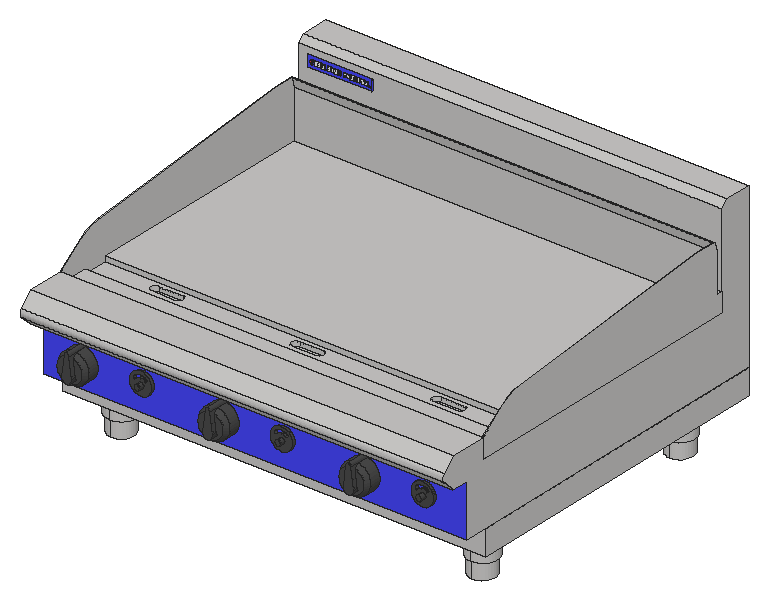
Revit family "QF_MOFFAT_BLUESEAL_CE_G516A-B", category Specialty Equipment, Revit 2012
Parameters
  Width = 900 mm  # constant formula
  Weight in Pounds = 283  # constant formula
  URL Cutsheet = "www.moffat.com"
  URL = "www.moffat.com"
  Type Mark [instance] = ""
  Status [instance] = ""
  Specification by User [instance] = ""
  Specification by Manufacturer = ""
  Show Logo [instance] = yes
  Serial Number = ""
  Seismic Rating = ""
  SMACNA No = ""
  Revision Code [instance] = ""
  Omniclass Number and Title = ""
  NAFEM Spec ID Number = ""
  Model = "G516A-B"
  Mechanical Remarks [instance] = ""
  Mechanical Connection Type [instance] = ""
  Masterspec = ""
  Manufacturer = "MOFFAT BLUESEAL"
  Item Number [instance] = ""
  Installed By [instance] = ""
  Identify Quantity as Lot [instance] = yes
  Height = 485 mm  # constant formula
  Gas Size = 3/4"
  Gas RI Height [instance] = 0 mm
  Gas KW [instance] = 16.6
  Gas Input [instance] = 56869.0 Btu/h
  Gas Connection Height = 0 mm
  Furnished By [instance] = ""
  Foodservice Equipment Identifier [instance] = yes
  Description = "900MM GAS GRIDDLE PLATE BENCH MOUNT"
  Depth = 812 mm  # constant formula
  CSI MasterFormat = ""
  CSI Master Format = ""
Reference planes
  plane 1 "BACK": y = 0
  plane 2: z = 0
  plane 3 "LEFT": x = 0
  plane 4 "RIGHT": x = 900
  plane 5 "FRONT": y = -812
  plane 6 "TOP": z = 370
  plane 7 "Center Y": x = 450
  plane 8 "Center X": y = -406
  plane 9: z = 485
  plane 10: z = 315
Forms (mm)
  Revolve 1, solid, material "QF_Finishes_Stainless Steel"
    sketch origin (65.5, -728, 0) x (0, 1, 0) y (0, 0, 1)
      loop
        line (71.25, 85) -> (71.25, 35) -> (75.5, 35) -> (75.5, 0) -> (103, 0) -> (103, 85) -> (71.25, 85)
      axis (103, 85) -> (103, 0)
    angle from 0 to 360
  Revolve 2, solid, material "QF_Finishes_Stainless Steel"
    sketch origin (65.5, -210, 0) x (0, 1, 0) y (0, 0, 1)
      loop
        line (78.25, 85) -> (78.25, 35) -> (82.5, 35) -> (82.5, 0) -> (110, 0) -> (110, 85) -> (78.25, 85)
      axis (110, 85) -> (110, 0)
    angle from 0 to 360
  Extrusion 3, solid, material "QF_Finishes_Stainless Steel"
    sketch origin (405, 3, -500) x (1, 0, 0) y (0, 1, 0)
      loop
        circle (365, -35) r 13.5
    from 555 to 585
  Revolve 4, solid, material "QF_Finishes_Black"
    sketch origin (89.999, 7, -0.127) x (0, 1, 0) y (0, 0, -1)
      loop
        line (-789, -229.5) -> (-766, -229.5) -> (-766, -202) -> (-756, -202) -> (-756, -197) -> (-800, -197) -> (-800, -223.651) -> (-789, -229.5)
      axis (-800, -197) -> (-756, -197)
    angle from 0 to 360
  Extrusion 5, solid, material "QF_Finishes_Black"
    sketch origin (228.269, 7, 0.031) x (-1, 0, 0) y (0, 0, -1)
      loop
        line (127.85, -186.163) -> (133.27, -229.082)
        arc (133.27, -229.082) -> (138.269, -233.969) -> (143.267, -229.082) r 5
        line (143.267, -229.082) -> (148.756, -184.996)
        arc (148.756, -184.996) -> (137.684, -174.498) -> (127.85, -186.163) r 10.487
    from 759 to 808
  Extrusion 6, solid, material "QF_Finishes_Stainless Steel"
    sketch origin (0, 0, 0) x (0, 1, 0) y (0, 0, 1)
      loop
        line (-784.97, 250) -> (-749, 250) -> (-749, 140) -> (0, 140) -> (0, 485) -> (-57.5, 485) -> (-70, 472.5) -> (-70, 275) -> (-705, 275) -> (-705, 315) -> (-783.97, 315) -> (-808.498, 290.472)
        arc (-808.498, 290.472) -> (-812.007, 282) -> (-808.498, 273.528) r 11.982
        line (-808.498, 273.528) -> (-784.97, 250)
      loop
        line (0, 85) -> (0, 139.206) -> (-699, 139.206) -> (-699, 85) -> (0, 85)
    from 0 to 900
  Revolve 7, solid, material "QF_Finishes_Black"
    sketch origin (390, 7, -0.127) x (0, 1, 0) y (0, 0, -1)
      loop
        line (-789, -229.5) -> (-766, -229.5) -> (-766, -202) -> (-756, -202) -> (-756, -197) -> (-800, -197) -> (-800, -223.651) -> (-789, -229.5)
      axis (-800, -197) -> (-756, -197)
    angle from 0 to 360
  Extrusion 8, solid, material "QF_Finishes_Black"
    sketch origin (0, -749, 266) x (0, 0, -1) y (1, 0, 0)
      loop
        circle (69, 210) r 23.9
      loop
        arc (61.641, 218.419) -> (62.501, 223.219) -> (57.701, 224.079) r 3.448
        arc (57.701, 224.079) -> (51.116, 209.341) -> (58.919, 195.209) r 18.095
        arc (58.919, 195.209) -> (63.641, 196.491) -> (62.326, 201.204) r 3.448
        arc (62.326, 201.204) -> (58.758, 209.683) -> (61.641, 218.419) r 13.109
      loop
        circle (69, 810) r 23.9
      loop
        arc (61.641, 818.419) -> (62.501, 823.219) -> (57.701, 824.079) r 3.448
        arc (57.701, 824.079) -> (51.116, 809.341) -> (58.919, 795.209) r 18.095
        arc (58.919, 795.209) -> (63.641, 796.491) -> (62.326, 801.204) r 3.448
        arc (62.326, 801.204) -> (58.758, 809.683) -> (61.641, 818.419) r 13.109
      loop
        circle (69, 510) r 23.9
      loop
        arc (61.641, 518.419) -> (62.501, 523.219) -> (57.701, 524.079) r 3.448
        arc (57.701, 524.079) -> (51.116, 509.341) -> (58.919, 495.209) r 18.095
        arc (58.919, 495.209) -> (63.641, 496.491) -> (62.326, 501.204) r 3.448
        arc (62.326, 501.204) -> (58.758, 509.683) -> (61.641, 518.419) r 13.109
    from 0 to 5
  Extrusion 9, solid, material "QF_Finishes_Black"
    sketch origin (0, -754, 266) x (0, 0, -1) y (1, 0, 0)
      loop
        circle (72.5, 210) r 5.75
      loop
        circle (72.5, 510) r 5.75
      loop
        circle (72.5, 810) r 5.75
    from 0 to 10
  Revolve 10, solid, material "QF_Finishes_Stainless Steel"
    sketch origin (834.5, -728, 0) x (0, 1, 0) y (0, 0, -1)
      loop
        line (71.25, -85) -> (103, -85) -> (103, 0) -> (75.5, 0) -> (75.5, -35) -> (71.25, -35) -> (71.25, -85)
      axis (103, -85) -> (103, 0)
    angle from 0 to 360
  Revolve 11, solid, material "QF_Finishes_Stainless Steel"
    sketch origin (834.5, -210, 0) x (0, 1, 0) y (0, 0, -1)
      loop
        line (78.25, -85) -> (110, -85) -> (110, 0) -> (82.5, 0) -> (82.5, -35) -> (78.25, -35) -> (78.25, -85)
      axis (110, -85) -> (110, 0)
    angle from 0 to 360
  Extrusion 12, solid, material "QF_Finishes_Black"
    sketch origin (528.269, 7, 0.031) x (-1, 0, 0) y (0, 0, -1)
      loop
        line (127.85, -186.163) -> (133.27, -229.082)
        arc (133.27, -229.082) -> (138.269, -233.969) -> (143.267, -229.082) r 5
        line (143.267, -229.082) -> (148.756, -184.996)
        arc (148.756, -184.996) -> (137.684, -174.498) -> (127.85, -186.163) r 10.487
    from 759 to 808
  Revolve 13, solid, material "QF_Finishes_Black"
    sketch origin (690, 7, 0) x (0, 1, 0) y (0, 0, -1)
      loop
        line (-789, -229.5) -> (-766, -229.5) -> (-766, -202) -> (-756, -202) -> (-756, -197) -> (-800, -197) -> (-800, -223.651) -> (-789, -229.5)
      axis (-800, -197) -> (-756, -197)
    angle from 0 to 360
  Extrusion 14, solid, material "QF_Finishes_Black"
    sketch origin (828.27, 7, 0.158) x (-1, 0, 0) y (0, 0, -1)
      loop
        line (127.85, -186.163) -> (133.27, -229.082)
        arc (133.27, -229.082) -> (138.269, -233.969) -> (143.267, -229.082) r 5
        line (143.267, -229.082) -> (148.756, -184.996)
        arc (148.756, -184.996) -> (137.684, -174.498) -> (127.85, -186.163) r 10.487
    from 759 to 808
Lines and regions (mm)
  Split face 1
    outline origin (0, 0, 485) x (0, -1, 0) y (1, 0, 0)
      loop
        arc (18.185, 32.794) -> (23.185, 24.134) -> (33.185, 24.134) r 10
        line (33.185, 24.134) -> (40.185, 28.176)
        arc (40.185, 28.176) -> (43.845, 31.836) -> (45.185, 36.836) r 10
        line (45.185, 36.836) -> (45.185, 264.794)
        arc (45.185, 264.794) -> (40.185, 273.455) -> (30.185, 273.455) r 10
        line (30.185, 273.455) -> (23.185, 269.413)
        arc (23.185, 269.413) -> (19.525, 265.753) -> (18.185, 260.753) r 10
        line (18.185, 260.753) -> (18.185, 32.794)
  Split face 2
    outline origin (0, 0, 485) x (0, -1, 0) y (1, 0, 0)
      loop
        arc (18.185, 332.794) -> (23.185, 324.134) -> (33.185, 324.134) r 10
        line (33.185, 324.134) -> (40.185, 328.176)
        arc (40.185, 328.176) -> (43.845, 331.836) -> (45.185, 336.836) r 10
        line (45.185, 336.836) -> (45.185, 564.794)
        arc (45.185, 564.794) -> (40.185, 573.455) -> (30.185, 573.455) r 10
        line (30.185, 573.455) -> (23.185, 569.413)
        arc (23.185, 569.413) -> (19.525, 565.753) -> (18.185, 560.753) r 10
        line (18.185, 560.753) -> (18.185, 332.794)
  Split face 3
    outline origin (0, 0, 485) x (0, -1, 0) y (1, 0, 0)
      loop
        arc (45.185, 864.794) -> (40.185, 873.455) -> (30.185, 873.455) r 10
        line (30.185, 873.455) -> (23.185, 869.413)
        arc (23.185, 869.413) -> (19.525, 865.753) -> (18.185, 860.753) r 10
        line (18.185, 860.753) -> (18.185, 632.794)
        arc (18.185, 632.794) -> (23.185, 624.134) -> (33.185, 624.134) r 10
        line (33.185, 624.134) -> (40.185, 628.176)
        arc (40.185, 628.176) -> (43.845, 631.836) -> (45.185, 636.836) r 10
        line (45.185, 636.836) -> (45.185, 864.794)
  symbolic lines
    curve 1: line (0, 0, 0) -> (0, -812, 0)
    curve 2: line (900, 0, 0) -> (0, 0, 0)
    curve 3: line (900, -812, 0) -> (900, 0, 0)
    curve 4: line (0, -70, 0) -> (900, -70, 0)
    curve 5: line (0, -812, 0) -> (900, -812, 0)
    curve 6: line (900, -705, 0) -> (0, -705, 0)
    curve 7: line (0, -783.97, 0) -> (900, -783.97, 0)
    curve 8: line (0, -57.5, 0) -> (900, -57.5, 0)
    curve 9: line (32.794, -18.185, 0) -> (260.753, -18.185, 0)
    curve 10: arc (260.753, -18.185, 0) -> (265.753, -19.525, 0) -> (269.413, -23.185, 0) r 10
    curve 11: line (269.413, -23.185, 0) -> (273.455, -30.185, 0)
    curve 12: arc (273.455, -30.185, 0) -> (273.455, -40.185, 0) -> (264.794, -45.185, 0) r 10
    curve 13: line (264.794, -45.185, 0) -> (36.836, -45.185, 0)
    curve 14: arc (36.836, -45.185, 0) -> (31.836, -43.845, 0) -> (28.176, -40.185, 0) r 10
    curve 15: line (28.176, -40.185, 0) -> (24.134, -33.185, 0)
    curve 16: arc (24.134, -33.185, 0) -> (24.134, -23.185, 0) -> (32.794, -18.185, 0) r 10
    curve 17: line (560.753, -18.185, 0) -> (332.794, -18.185, 0)
    curve 18: arc (332.794, -18.185, 0) -> (324.134, -23.185, 0) -> (324.134, -33.185, 0) r 10
    curve 19: line (324.134, -33.185, 0) -> (328.176, -40.185, 0)
    curve 20: arc (328.176, -40.185, 0) -> (331.836, -43.845, 0) -> (336.836, -45.185, 0) r 10
    curve 21: line (336.836, -45.185, 0) -> (564.794, -45.185, 0)
    curve 22: arc (564.794, -45.185, 0) -> (573.455, -40.185, 0) -> (573.455, -30.185, 0) r 10
    curve 23: line (573.455, -30.185, 0) -> (569.413, -23.185, 0)
    curve 24: arc (569.413, -23.185, 0) -> (565.753, -19.525, 0) -> (560.753, -18.185, 0) r 10
    curve 25: line (632.794, -18.185, 0) -> (860.753, -18.185, 0)
    curve 26: arc (860.753, -18.185, 0) -> (865.753, -19.525, 0) -> (869.413, -23.185, 0) r 10
    curve 27: line (869.413, -23.185, 0) -> (873.455, -30.185, 0)
    curve 28: arc (873.455, -30.185, 0) -> (873.455, -40.185, 0) -> (864.794, -45.185, 0) r 10
    curve 29: line (864.794, -45.185, 0) -> (636.836, -45.185, 0)
    curve 30: arc (636.836, -45.185, 0) -> (631.836, -43.845, 0) -> (628.176, -40.185, 0) r 10
    curve 31: line (628.176, -40.185, 0) -> (624.134, -33.185, 0)
    curve 32: arc (624.134, -33.185, 0) -> (624.134, -23.185, 0) -> (632.794, -18.185, 0) r 10
Dimensions and locks
  equal spacing: plane 3 "LEFT", plane 7 "Center Y", plane 4 "RIGHT"
  "Width": plane 3 "LEFT" to plane 4 "RIGHT"
  equal spacing: plane 5 "FRONT", plane 8 "Center X", plane 1 "BACK"
  "Depth": plane 5 "FRONT" to plane 1 "BACK"
  equal spacing: plane 4 "RIGHT", plane 7 "Center Y", plane 3 "LEFT"
  plane 4 "RIGHT" to plane 3 "LEFT" = 900 mm
  Extrusion 3 to level = 55 mm
  Extrusion 3 to plane 1 "BACK" = 32 mm
  plane 5 "FRONT" to plane 1 "BACK" = 812 mm
  "Height": plane 9 to level
  plane 10 to level = 315 mm
  Extrusion 3 sketch curve to plane 4 "RIGHT" = 130 mm
  Extrusion 3 sketch curve to plane 1 "BACK" = 32 mm
  aligned and locked: level to plane 2
  aligned and locked: curve 3 to plane 4 "RIGHT"
Automatic sketch dimensions
  plane 1 "BACK" to curve 1 = 0 mm
  curve 1 to plane 3 "LEFT" = 0 mm
  plane 5 "FRONT" to curve 1 = 0 mm
  curve 6 to plane 5 "FRONT" = 107 mm
  plane 1 "BACK" to curve 4 = 70 mm
  Revolve 1 sketch curve to level = 0 mm
  level to Revolve 1 sketch curve = 35 mm
  Revolve 1 sketch curve to plane 5 "FRONT" = 155.25 mm
  Revolve 1 sketch curve to Revolve 1 sketch curve = 4.25 mm
  Revolve 1 sketch curve to Revolve 1 sketch curve = 27.5 mm  (x2)
  Revolve 1 sketch curve to Revolve 1 sketch curve = 55 mm
  Revolve 1 sketch curve to Revolve 1 sketch curve = 15 mm
  Revolve 1 sketch curve to Revolve 1 sketch curve = 35 mm
  Revolve 2 sketch curve to level = 0 mm
  level to Revolve 2 sketch curve = 35 mm
  plane 1 "BACK" to Revolve 2 sketch curve = 131.75 mm
  Revolve 2 sketch curve to Revolve 2 sketch curve = 4.25 mm
  Revolve 2 sketch curve to Revolve 2 sketch curve = 27.5 mm  (x2)
  Revolve 2 sketch curve to Revolve 2 sketch curve = 55 mm
  Revolve 2 sketch curve to Revolve 2 sketch curve = 15 mm
  Revolve 2 sketch curve to Revolve 2 sketch curve = 35 mm
  Revolve 4 sketch curve to plane 5 "FRONT" = 19 mm
  Revolve 4 sketch curve to Revolve 4 sketch curve = 0 mm  (x2)
  Revolve 4 sketch curve to Revolve 4 sketch curve = 11 mm
  Revolve 4 sketch curve to Revolve 4 sketch curve = 12.7 mm
  Revolve 4 sketch curve to Revolve 4 sketch curve = 23 mm
  Revolve 4 sketch curve to Revolve 4 sketch curve = 10 mm
  Revolve 4 sketch curve to plane 10 = 85.627 mm
  Revolve 4 sketch curve to Revolve 4 sketch curve = 5.849 mm
  Revolve 4 sketch curve to Revolve 4 sketch curve = 27.5 mm
  Revolve 4 sketch curve to Revolve 4 sketch curve = 5 mm
  plane 3 "LEFT" to Extrusion 5 sketch curve = 100.419 mm
  Extrusion 5 sketch curve to Extrusion 5 sketch curve = 5.421 mm
  Extrusion 5 sketch curve to Extrusion 5 sketch curve = 10.419 mm
  Extrusion 5 sketch curve to Extrusion 5 sketch curve = 4.999 mm  (x2)
  Extrusion 5 sketch curve to Extrusion 5 sketch curve = 10.487 mm
  Extrusion 5 sketch curve to plane 10 = 85.887 mm
  Extrusion 5 sketch curve to Extrusion 5 sketch curve = 0.113 mm
  Extrusion 5 sketch curve to Extrusion 5 sketch curve = 42.919 mm
  Extrusion 5 sketch curve to Extrusion 5 sketch curve = 1.167 mm
  Extrusion 6 sketch curve to plane 10 = 0 mm
  plane 9 to Extrusion 6 sketch curve = 0 mm
  Extrusion 6 sketch curve to plane 1 "BACK" = 0 mm  (x2)
  plane 1 "BACK" to Extrusion 6 sketch curve = 57.5 mm
  plane 9 to Extrusion 6 sketch curve = 12.5 mm
  Extrusion 6 sketch curve to Extrusion 6 sketch curve = 12.5 mm
  Extrusion 6 sketch curve to plane 5 "FRONT" = 113 mm
  Extrusion 6 sketch curve to plane 5 "FRONT" = 107 mm
  Extrusion 6 sketch curve to Extrusion 6 sketch curve = 50 mm
  Extrusion 6 sketch curve to plane 5 "FRONT" = 28.03 mm
  Extrusion 6 sketch curve to plane 5 "FRONT" = 27.03 mm
  Extrusion 6 sketch curve to plane 5 "FRONT" = 11.975 mm
  Extrusion 6 sketch curve to plane 5 "FRONT" = 3.502 mm  (x2)
  Extrusion 6 sketch curve to plane 10 = 24.528 mm
  Extrusion 6 sketch curve to Extrusion 6 sketch curve = 8.472 mm
  Extrusion 6 sketch curve to Extrusion 6 sketch curve = 40 mm
  Extrusion 6 sketch curve to Extrusion 6 sketch curve = 23.528 mm
  Extrusion 6 sketch curve to Extrusion 6 sketch curve = 110 mm
  Extrusion 6 sketch curve to Extrusion 6 sketch curve = 0.794 mm
  Extrusion 6 sketch curve to Extrusion 6 sketch curve = 54.206 mm
  Revolve 7 sketch curve to plane 5 "FRONT" = 19 mm
  Revolve 7 sketch curve to Revolve 7 sketch curve = 0 mm  (x2)
  Revolve 7 sketch curve to Revolve 7 sketch curve = 11 mm
  Revolve 7 sketch curve to Revolve 7 sketch curve = 12.7 mm
  Revolve 7 sketch curve to Revolve 7 sketch curve = 23 mm
  Revolve 7 sketch curve to Revolve 7 sketch curve = 10 mm
  Revolve 7 sketch curve to plane 10 = 85.627 mm
  Revolve 7 sketch curve to Revolve 7 sketch curve = 5.849 mm
  Revolve 7 sketch curve to Revolve 7 sketch curve = 27.5 mm
  Revolve 7 sketch curve to Revolve 7 sketch curve = 5 mm
  Extrusion 6 to Extrusion 8 sketch curve = 41.701 mm  (x3)
  Extrusion 8 sketch curve to Extrusion 8 sketch curve = 1.218 mm  (x3)
  Extrusion 8 sketch curve to Extrusion 8 sketch curve = 1.97 mm  (x6)
  Extrusion 8 sketch curve to Extrusion 8 sketch curve = 1.724 mm  (x3)
  Extrusion 8 sketch curve to Extrusion 8 sketch curve = 1.683 mm  (x3)
  Extrusion 8 sketch curve to Extrusion 8 sketch curve = 6.674 mm  (x3)
  Extrusion 8 sketch curve to Extrusion 8 sketch curve = 0.195 mm  (x3)
  Extrusion 8 sketch curve to Extrusion 8 sketch curve = 2.662 mm  (x3)
  Extrusion 6 to Extrusion 8 sketch curve = 195.209 mm
  Extrusion 8 sketch curve to Extrusion 8 sketch curve = 2.986 mm  (x3)
  Extrusion 8 sketch curve to Extrusion 8 sketch curve = 8.796 mm  (x3)
  Extrusion 8 sketch curve to Extrusion 8 sketch curve = 0.103 mm  (x3)
  Extrusion 8 sketch curve to Extrusion 8 sketch curve = 0.102 mm  (x3)
  Extrusion 8 sketch curve to Extrusion 8 sketch curve = 271.13 mm
  Extrusion 6 to Extrusion 8 sketch curve = 104.791 mm
  Extrusion 9 sketch curve to Extrusion 9 sketch curve = 0 mm  (x2)
  Extrusion 9 sketch curve to Extrusion 9 sketch curve = 300 mm  (x2)
  Revolve 10 sketch curve to level = 0 mm
  level to Revolve 10 sketch curve = 35 mm
  Revolve 10 sketch curve to plane 5 "FRONT" = 155.25 mm
  Revolve 10 sketch curve to Revolve 10 sketch curve = 4.25 mm
  Revolve 10 sketch curve to Revolve 10 sketch curve = 27.5 mm  (x2)
  Revolve 10 sketch curve to Revolve 10 sketch curve = 15 mm
  Revolve 10 sketch curve to Revolve 10 sketch curve = 35 mm
  Revolve 10 sketch curve to level = 55 mm
  Revolve 11 sketch curve to level = 0 mm
  level to Revolve 11 sketch curve = 35 mm
  plane 1 "BACK" to Revolve 11 sketch curve = 131.75 mm
  Revolve 11 sketch curve to Revolve 11 sketch curve = 4.25 mm
  Revolve 11 sketch curve to Revolve 11 sketch curve = 27.5 mm  (x2)
  Revolve 11 sketch curve to Revolve 11 sketch curve = 15 mm
  Revolve 11 sketch curve to Revolve 11 sketch curve = 35 mm
  Revolve 11 sketch curve to level = 55 mm
  Extrusion 12 sketch curve to plane 7 "Center Y" = 49.58 mm
  Extrusion 12 sketch curve to Extrusion 12 sketch curve = 5.421 mm
  Extrusion 12 sketch curve to Extrusion 12 sketch curve = 10.419 mm
  Extrusion 12 sketch curve to Extrusion 12 sketch curve = 4.999 mm  (x2)
  Extrusion 12 sketch curve to Extrusion 12 sketch curve = 10.487 mm
  Extrusion 12 sketch curve to plane 10 = 85.887 mm
  Extrusion 12 sketch curve to Extrusion 12 sketch curve = 0.113 mm
  Extrusion 12 sketch curve to Extrusion 12 sketch curve = 42.919 mm
  Extrusion 12 sketch curve to Extrusion 12 sketch curve = 1.167 mm
  Revolve 13 sketch curve to plane 5 "FRONT" = 19 mm
  Revolve 13 sketch curve to Revolve 13 sketch curve = 0 mm  (x2)
  Revolve 13 sketch curve to Revolve 13 sketch curve = 11 mm
  Revolve 13 sketch curve to Revolve 13 sketch curve = 12.7 mm
  Revolve 13 sketch curve to Revolve 13 sketch curve = 23 mm
  Revolve 13 sketch curve to Revolve 13 sketch curve = 10 mm
  Revolve 13 sketch curve to plane 10 = 85.5 mm
  Revolve 13 sketch curve to Revolve 13 sketch curve = 5.849 mm
  Revolve 13 sketch curve to Revolve 13 sketch curve = 27.5 mm
  Revolve 13 sketch curve to Revolve 13 sketch curve = 5 mm
  plane 4 "RIGHT" to Extrusion 14 sketch curve = 199.58 mm
  Extrusion 14 sketch curve to Extrusion 14 sketch curve = 5.421 mm
  Extrusion 14 sketch curve to Extrusion 14 sketch curve = 10.419 mm
  Extrusion 14 sketch curve to Extrusion 14 sketch curve = 4.999 mm  (x2)
  Extrusion 14 sketch curve to plane 10 = 85.76 mm
  Extrusion 14 sketch curve to Extrusion 14 sketch curve = 10.487 mm
  Extrusion 14 sketch curve to Extrusion 14 sketch curve = 0.113 mm
  Extrusion 14 sketch curve to Extrusion 14 sketch curve = 42.919 mm
  Extrusion 14 sketch curve to Extrusion 14 sketch curve = 1.167 mm
  Split face 1 sketch curve to Extrusion 6 = 18.185 mm
  Split face 1 sketch curve to Split face 1 sketch curve = 5 mm  (x3)
  Split face 1 sketch curve to Split face 1 sketch curve = 10 mm  (x2)
  Split face 1 sketch curve to Split face 1 sketch curve = 7 mm  (x4)
  Split face 1 sketch curve to Extrusion 6 = 24.134 mm
  Split face 1 sketch curve to Split face 1 sketch curve = 4.041 mm  (x2)
  Split face 1 sketch curve to Split face 1 sketch curve = 223.917 mm
  Split face 2 sketch curve to Extrusion 6 = 18.185 mm
  Split face 2 sketch curve to Split face 2 sketch curve = 5 mm  (x3)
  Split face 2 sketch curve to Split face 2 sketch curve = 10 mm  (x2)
  Split face 2 sketch curve to Split face 2 sketch curve = 7 mm  (x4)
  Split face 2 sketch curve to Extrusion 6 = 324.134 mm
  Split face 2 sketch curve to Split face 2 sketch curve = 4.041 mm  (x2)
  Split face 2 sketch curve to Split face 2 sketch curve = 223.917 mm
  Split face 3 sketch curve to Extrusion 6 = 18.185 mm
  Split face 3 sketch curve to Split face 3 sketch curve = 5 mm  (x2)
  Split face 3 sketch curve to Split face 3 sketch curve = 10 mm  (x3)
  Split face 3 sketch curve to Split face 3 sketch curve = 7 mm  (x4)
  Split face 3 sketch curve to Extrusion 6 = 275.866 mm
  Split face 3 sketch curve to Split face 3 sketch curve = 4.041 mm  (x2)
  Split face 3 sketch curve to Extrusion 6 = 39.247 mm
  curve 7 to plane 5 "FRONT" = 28.03 mm
  curve 4 to curve 8 = 12.5 mm
  plane 3 "LEFT" to curve 16 = 24.134 mm
  curve 16 to curve 15 = 4.041 mm
  curve 16 to curve 9 = 8.66 mm
  curve 14 to curve 14 = 8.66 mm
  plane 1 "BACK" to curve 10 = 18.185 mm
  curve 10 to plane 7 "Center Y" = 189.247 mm
  curve 10 to curve 13 = 4.041 mm
  plane 1 "BACK" to curve 11 = 23.185 mm
  curve 9 to curve 11 = 8.66 mm
  plane 1 "BACK" to curve 11 = 30.185 mm
  curve 10 to curve 11 = 4.041 mm
  curve 12 to curve 12 = 15 mm
  curve 13 to curve 14 = 5 mm
  curve 14 to curve 15 = 7 mm
  plane 1 "BACK" to curve 19 = 33.185 mm
  curve 11 to curve 19 = 50.679 mm
  plane 1 "BACK" to curve 19 = 40.185 mm
  curve 19 to curve 19 = 4.041 mm
  curve 18 to curve 18 = 8.66 mm
  curve 18 to curve 20 = 4.041 mm
  plane 1 "BACK" to curve 24 = 18.185 mm
  plane 7 "Center Y" to curve 24 = 110.753 mm
  curve 24 to curve 21 = 4.041 mm
  curve 24 to curve 24 = 8.66 mm
  plane 1 "BACK" to curve 23 = 30.185 mm
  curve 24 to curve 23 = 4.041 mm
  curve 22 to curve 22 = 15 mm
  curve 22 to curve 24 = 7 mm
  curve 23 to curve 32 = 50.679 mm
  curve 32 to curve 30 = 4.041 mm  (x2)
  curve 32 to curve 32 = 8.66 mm
  plane 4 "RIGHT" to curve 26 = 39.247 mm
  curve 26 to curve 29 = 4.041 mm
  plane 1 "BACK" to curve 27 = 23.185 mm
  curve 25 to curve 27 = 8.66 mm
  curve 26 to curve 27 = 4.041 mm
  plane 1 "BACK" to curve 30 = 45.185 mm
  curve 29 to curve 31 = 5 mm
  curve 29 to curve 28 = 10 mm
  curve 31 to curve 32 = 7 mm
  curve 30 to curve 32 = 7 mm
  radius of Extrusion 3 sketch curve = 13.5 mm
  radius of Extrusion 8 sketch curve = 23.9 mm  (x3)
  radius of Extrusion 9 sketch curve = 5.75 mm  (x3)
Nested families
  nested 1: "WALDORF LOGO_FACE BASE" at (18.6, -70, 458.604) x (1, 0, 0) z (0, -1, 0), visible <- "Show Logo", type "WALDORF LOGO_FACE BASE", detail levels medium+fine
    with Show Logo yes
  nested 2: "GAS GRIDDLE PLATE 900" at (0, -85, 274.5), type "GAS GRIDDLE PLATE 900"
    with Width 900 mm, Type Mark "", Status "", Specification by User "", Revision Code "", Item Number "", Installed By "", Identify Quantity as Lot yes, Furnished By "", Foodservice Equipment Identifier yes, Depth 620 mm
Connectors
  piping at (770, -32, 55)
    settings: on Extrusion 3, index 1, connector radius 0.37402", flow factor 0, pipe flow 0 GPM, pressure drop 0.00 psi, fitting loss kfactor 0, connector angle 0.00°, fixture units 0, engagement length 0 mm, flow configuration 1, flow direction 1, fitting loss method 0, system type 7, joint type 0, gender type 0, connector reference index -1, connector utility 0, adjustable connector no, is connector primary yes, fitting loss table "", connector description "GAS CONNECTION"
Definition of nested family "WALDORF LOGO_FACE BASE"
  Parameters (values of type "WALDORF LOGO_FACE BASE")
    Show Logo [instance] = yes
    Default Elevation = 1219.2 mm
  Reference planes
    plane 1 "Center (Front/Back)": y = 0
    plane 2: z = 0
    plane 3 "Center (Left/Right)": x = 0
  Forms (mm)
    Extrusion 1, solid
      sketch origin (0, 0, 0) x (1, 0, 0) y (0, 1, 0)
        loop
          line (-1219.2, 1219.2) -> (-1219.2, -1219.2) -> (1219.2, -1219.2) -> (1219.2, 1219.2) -> (-1219.2, 1219.2)
      from 0 to -304.8
    Extrusion 2, solid, material "QF_Finishes_Blue", visible <- "Show Logo"
      sketch origin (0, -33.217, 0) x (1, 0, 0) y (0, 1, 0)
        loop
          arc (138, 31.942) -> (137.626, 32.844) -> (136.724, 33.217) r 1.276
          line (136.724, 33.217) -> (1.29, 33.217)
          arc (1.29, 33.217) -> (0.378, 32.839) -> (0, 31.927) r 1.29
          line (0, 31.927) -> (0, 11.507)
          arc (0, 11.507) -> (0.378, 10.595) -> (1.29, 10.217) r 1.29
          line (1.29, 10.217) -> (136.71, 10.217)
          arc (136.71, 10.217) -> (137.622, 10.595) -> (138, 11.507) r 1.29
          line (138, 11.507) -> (138, 31.942)
      from 0 to 1.588
    Extrusion 3, solid, material "QF_Finishes_White", visible <- "Show Logo"
      sketch origin (0, -33.217, 1.588) x (1, 0, 0) y (0, 1, 0)
        loop
          arc (108.946, 25.919) -> (107.613, 25.367) -> (107.061, 24.034) r 1.885
          line (107.061, 24.034) -> (107.061, 17.211) -> (112.704, 17.211) -> (112.704, 19.129) -> (115.546, 19.129) -> (115.546, 17.211) -> (121.584, 17.211) -> (121.584, 24.075)
          arc (121.584, 24.075) -> (121.043, 25.379) -> (119.739, 25.919) r 1.845
          line (119.739, 25.919) -> (108.946, 25.919)
        loop
          line (123.478, 25.919) -> (123.478, 17.163) -> (134.904, 17.163) -> (134.904, 19.129) -> (129.246, 19.129) -> (129.246, 25.919) -> (123.478, 25.919)
        loop
          line (112.704, 21.258) -> (115.546, 21.258) -> (115.546, 22.702)
          arc (115.546, 22.702) -> (115.344, 23.188) -> (114.858, 23.389) r 0.687
          line (114.858, 23.389) -> (113.363, 23.389)
          arc (113.363, 23.389) -> (112.897, 23.196) -> (112.704, 22.73) r 0.658
          line (112.704, 22.73) -> (112.704, 21.258)
        loop
          line (105.071, 25.919) -> (93.771, 25.919) -> (93.771, 17.163) -> (105.071, 17.163) -> (105.071, 19.063) -> (99.535, 19.063) -> (99.535, 20.437) -> (105.071, 20.437) -> (105.071, 22.278) -> (99.535, 22.278) -> (99.535, 23.587) -> (105.071, 23.587) -> (105.071, 25.919)
        loop
          line (91.104, 25.919) -> (79.541, 25.919)
          arc (79.541, 25.919) -> (78.558, 25.513) -> (78.152, 24.53) r 1.389
          line (78.152, 24.53) -> (78.152, 22.08)
          arc (78.152, 22.08) -> (78.558, 21.098) -> (79.541, 20.691) r 1.389
          line (79.541, 20.691) -> (86.346, 20.691) -> (86.346, 18.864) -> (83.266, 18.864) -> (83.266, 19.664) -> (78.152, 19.664) -> (78.152, 18.553)
          arc (78.152, 18.553) -> (78.558, 17.57) -> (79.541, 17.163) r 1.389
          line (79.541, 17.163) -> (91.063, 17.163)
          arc (91.063, 17.163) -> (92.045, 17.57) -> (92.452, 18.553) r 1.389
          line (92.452, 18.553) -> (92.452, 20.691)
          arc (92.452, 20.691) -> (92.045, 21.673) -> (91.063, 22.08) r 1.389
          line (91.063, 22.08) -> (83.266, 22.08) -> (83.266, 23.984) -> (86.346, 23.984) -> (86.346, 22.743) -> (92.452, 22.743) -> (92.452, 24.571)
          arc (92.452, 24.571) -> (92.057, 25.524) -> (91.104, 25.919) r 1.348
        loop
          line (70.705, 25.919) -> (59.405, 25.919) -> (59.405, 17.163) -> (70.705, 17.163) -> (70.705, 19.063) -> (65.169, 19.063) -> (65.169, 20.437) -> (70.705, 20.437) -> (70.705, 22.278) -> (65.169, 22.278) -> (65.169, 23.587) -> (70.705, 23.587) -> (70.705, 25.919)
        loop
          line (57.598, 25.919) -> (51.7, 25.919) -> (51.7, 20.18)
          arc (51.7, 20.18) -> (50.63, 19.11) -> (49.56, 20.18) r 1.07
          line (49.56, 20.18) -> (49.56, 25.919) -> (43.663, 25.919) -> (43.663, 19.049)
          arc (43.663, 19.049) -> (44.215, 17.716) -> (45.548, 17.163) r 1.885
          line (45.548, 17.163) -> (55.71, 17.163)
          arc (55.71, 17.163) -> (57.045, 17.716) -> (57.598, 19.051) r 1.887
          line (57.598, 19.051) -> (57.598, 25.919)
        loop
          line (31.62, 25.919) -> (31.62, 17.163) -> (43.046, 17.163) -> (43.046, 19.129) -> (37.388, 19.129) -> (37.388, 25.919) -> (31.62, 25.919)
        loop
          line (15.969, 25.919) -> (15.969, 17.163) -> (28.693, 17.163)
          arc (28.693, 17.163) -> (29.812, 17.627) -> (30.276, 18.746) r 1.582
          line (30.276, 18.746) -> (30.276, 20.447) -> (29.48, 21.243) -> (30.276, 22.039) -> (30.276, 24.332)
          arc (30.276, 24.332) -> (29.811, 25.454) -> (28.688, 25.919) r 1.587
          line (28.688, 25.919) -> (15.969, 25.919)
        loop
          line (21.449, 24.159) -> (21.449, 22.436) -> (23.862, 22.436)
          arc (23.862, 22.436) -> (24.723, 23.298) -> (23.862, 24.159) r 0.861
          line (23.862, 24.159) -> (21.449, 24.159)
        loop
          line (21.449, 20.244) -> (21.449, 18.522) -> (23.862, 18.522)
          arc (23.862, 18.522) -> (24.723, 19.383) -> (23.862, 20.244) r 0.861
          line (23.862, 20.244) -> (21.449, 20.244)
      from 0 to 0.2
    Extrusion 4, solid, material "QF_Finishes_Blue", visible <- "Show Logo"
      sketch origin (-126.498, -31.09, 1.588) x (1, 0, 0) y (0, 1, 0)
        loop
          line (136.738, 23.522) -> (136.738, 15.1)
          arc (136.738, 15.1) -> (140.756, 19.311) -> (136.738, 23.522) r 4.216
      from 0 to 0.2
    Extrusion 5, solid, material "QF_Finishes_Red", visible <- "Show Logo"
      sketch origin (146.849, -31.09, 1.588) x (-1, 0, 0) y (0, -1, 0)
        loop
          arc (136.738, -23.522) -> (140.756, -19.311) -> (136.738, -15.1) r 4.216
          line (136.738, -15.1) -> (136.738, -23.522)
      from 0 to 0.2
  Lines and regions (mm)
    Split face 1
      outline origin (-90.35, -30.793, 1.588) x (1, 0, 0) y (0, 1, 0)
        loop
          circle (100.54, 19.013) r 4.536
  Dimensions and locks
    aligned and locked: plane 2 to Extrusion 1
    aligned and locked: level to Extrusion 1
Definition of nested family "GAS GRIDDLE PLATE 900"
  Parameters (values of type "GAS GRIDDLE PLATE 900")
    Width [instance] = 900 mm
    Weight in Pounds = 0
    URL Cutsheet = ""
    Type Mark [instance] = ""
    Status [instance] = ""
    Specification by User [instance] = ""
    Specification by Manufacturer = ""
    Serial Number = ""
    Seismic Rating = ""
    SMACNA No = ""
    Revision Code [instance] = ""
    Omniclass Number and Title = ""
    NAFEM Spec ID Number = ""
    Masterspec = ""
    Item Number [instance] = ""
    Installed By [instance] = ""
    Identify Quantity as Lot [instance] = yes
    Furnished By [instance] = ""
    Foodservice Equipment Identifier [instance] = yes
    Depth [instance] = 620 mm
    CSI MasterFormat = ""
    CSI Master Format = ""
  Reference planes
    plane 1 "BACK": y = 0
    plane 2: z = 0
    plane 3 "LEFT": x = 0
    plane 4 "RIGHT": x = 900
    plane 5 "FRONT": y = -620
    plane 6 "TOP": z = 142.5
    plane 7 "Center Y": x = 450
    plane 8 "Center X": y = -310
    plane 9: y = -530.997
    plane 10: y = -541.497
    plane 11: y = -503.25
    plane 12: y = -557.737
  Forms (mm)
    Extrusion 1, solid, material "QF_Finishes_Stainless Steel"
      sketch origin (0, 70.003, -874.5) x (0, 1, 0) y (0, 0, 1)
        loop
          line (-70, 875) -> (-70, 997.489) -> (-75.228, 1017) -> (-117.24, 1017) -> (-589.533, 971.523)
          arc (-589.533, 971.523) -> (-614.56, 965.803) -> (-637.306, 953.899) r 100
          line (-637.306, 953.899) -> (-690.003, 917) -> (-690.003, 875) -> (-70, 875)
      from 0 to 1.8
    Extrusion 2, solid, material "QF_Finishes_Stainless Steel"
      sketch origin (600, 70.003, -874.5) x (0, -1, 0) y (0, 0, 1)
        loop
          line (70, 875) -> (690.003, 875) -> (690.003, 917) -> (637.306, 953.899)
          arc (637.306, 953.899) -> (614.56, 965.803) -> (589.533, 971.523) r 100
          line (589.533, 971.523) -> (117.24, 1017) -> (75.228, 1017) -> (70, 997.489) -> (70, 875)
      from -300 to -298.8
    Extrusion 3, solid, material "QF_Finishes_Stainless Steel"
      sketch origin (150, 70.003, -874.5) x (0, 1, 0) y (0, 0, 1)
        loop
          line (-70, 894.5) -> (-573.253, 894.5) -> (-573.253, 884) -> (-627.74, 884) -> (-627.74, 894.5) -> (-690.003, 894.5) -> (-690.003, 874.5) -> (-55, 874.5) -> (-55, 914.5) -> (-70, 914.5) -> (-70, 894.5)
      from -150 to 750
    Extrusion 4, void
      sketch origin (150, -541.497, 10) x (0, -1, 0) y (1, 0, 0)
        loop
          arc (-7.497, 25) -> (-17.497, 35) -> (-27.497, 25) r 10
          line (-27.497, 25) -> (-27.497, -25)
          arc (-27.497, -25) -> (-17.497, -35) -> (-7.497, -25) r 10
          line (-7.497, -25) -> (-7.497, 25)
        loop
          arc (-7.497, 325) -> (-17.497, 335) -> (-27.497, 325) r 10
          line (-27.497, 325) -> (-27.497, 275)
          arc (-27.497, 275) -> (-17.497, 265) -> (-7.497, 275) r 10
          line (-7.497, 275) -> (-7.497, 325)
        loop
          arc (-7.497, 625) -> (-17.497, 635) -> (-27.497, 625) r 10
          line (-27.497, 625) -> (-27.497, 575)
          arc (-27.497, 575) -> (-17.497, 565) -> (-7.497, 575) r 10
          line (-7.497, 575) -> (-7.497, 625)
      from -41.4 to 40.142
    Extrusion 5, solid, material "QF_Finishes_Stainless Steel"
      sketch origin (0, 70.003, -874.5) x (0, 1, 0) y (0, 0, 1)
        loop
          line (-70, 875) -> (-70, 997.489) -> (-75.228, 1017) -> (-76.884, 1017) -> (-71.6, 997.278) -> (-71.6, 875) -> (-70, 875)
      from 0 to 898.8
  Cuts and joins
    Extrusion 4 cuts Extrusion 3
    joined: Extrusion 1, Extrusion 2, Extrusion 3, Extrusion 5
  Lines and regions (mm)
    symbolic lines
      curve 1: line (898.8, -503.25, 0) -> (0, -503.25, 0)
      curve 2: line (1.8, -557.737, 0) -> (898.8, -557.737, 0)
      curve 3: line (0, -620, 0) -> (900, -620, 0)
      curve 4: line (900, -5.225, 0) -> (0, -5.225, 0)
      curve 5: line (0, -5.225, 0) -> (0, -620, 0)
      curve 6: line (900, -620, 0) -> (900, -5.225, 0)
      curve 7: line (125, -514, 0) -> (175, -514, 0)
      curve 8: arc (175, -514, 0) -> (185, -524, 0) -> (175, -534, 0) r 10
      curve 9: line (175, -534, 0) -> (125, -534, 0)
      curve 10: arc (125, -534, 0) -> (115, -524, 0) -> (125, -514, 0) r 10
      curve 11: line (425, -514, 0) -> (475, -514, 0)
      curve 12: arc (475, -514, 0) -> (485, -524, 0) -> (475, -534, 0) r 10
      curve 13: line (475, -534, 0) -> (425, -534, 0)
      curve 14: arc (425, -534, 0) -> (415, -524, 0) -> (425, -514, 0) r 10
      curve 15: line (775, -534, 0) -> (725, -534, 0)
      curve 16: arc (725, -534, 0) -> (715, -524, 0) -> (725, -514, 0) r 10
      curve 17: line (725, -514, 0) -> (775, -514, 0)
      curve 18: arc (775, -514, 0) -> (785, -524, 0) -> (775, -534, 0) r 10
  Dimensions and locks
    equal spacing: plane 3 "LEFT", plane 7 "Center Y", plane 4 "RIGHT"
    "Width": plane 3 "LEFT" to plane 4 "RIGHT"
    equal spacing: plane 5 "FRONT", plane 8 "Center X", plane 1 "BACK"
    "Depth": plane 5 "FRONT" to plane 1 "BACK"
    locked: Extrusion 2 to Extrusion 2 at 1.2
    aligned and locked: level to plane 2
    aligned and locked: Extrusion 2 to plane 4 "RIGHT"
    aligned and locked: curve 1 to plane 11
    aligned and locked: plane 12 to curve 2
    aligned and locked: Extrusion 5 to cut or joined group of Extrusion 1, Extrusion 2, Extrusion 3, Extrusion 4, Extrusion 5
    aligned and locked: cut or joined group of Extrusion 1, Extrusion 2, Extrusion 3, Extrusion 4, Extrusion 5 to plane 4 "RIGHT"
    aligned and locked: cut or joined group of Extrusion 1, Extrusion 2, Extrusion 3, Extrusion 4, Extrusion 5 to plane 3 "LEFT"
  Automatic sketch dimensions
    Extrusion 1 sketch curve to plane 5 "FRONT" = 0 mm
    Extrusion 1 sketch curve to plane 6 "TOP" = 0 mm
    plane 12 to Extrusion 1 sketch curve = 9.566 mm
    plane 11 to Extrusion 1 sketch curve = 16.28 mm
    Extrusion 1 sketch curve to level = 2.516 mm
    plane 11 to Extrusion 1 sketch curve = 6.695 mm
    plane 1 "BACK" to Extrusion 1 sketch curve = 47.237 mm
    plane 1 "BACK" to Extrusion 1 sketch curve = 5.225 mm
    Extrusion 1 sketch curve to plane 1 "BACK" = 0.003 mm
    level to Extrusion 1 sketch curve = 0.5 mm
    Extrusion 1 sketch curve to Extrusion 1 sketch curve = 42 mm
    Extrusion 1 sketch curve to plane 6 "TOP" = 63.101 mm
    Extrusion 1 sketch curve to plane 6 "TOP" = 19.511 mm
    Extrusion 2 sketch curve to plane 6 "TOP" = 0 mm
    Extrusion 2 sketch curve to plane 5 "FRONT" = 0 mm
    plane 12 to Extrusion 2 sketch curve = 9.566 mm
    plane 11 to Extrusion 2 sketch curve = 16.28 mm
    Extrusion 2 sketch curve to level = 2.516 mm
    plane 11 to Extrusion 2 sketch curve = 6.695 mm
    plane 1 "BACK" to Extrusion 2 sketch curve = 47.237 mm
    plane 1 "BACK" to Extrusion 2 sketch curve = 5.225 mm
    Extrusion 2 sketch curve to plane 1 "BACK" = 0.003 mm
    level to Extrusion 2 sketch curve = 0.5 mm
    Extrusion 2 sketch curve to Extrusion 2 sketch curve = 42 mm
    Extrusion 2 sketch curve to plane 6 "TOP" = 63.101 mm
    Extrusion 2 sketch curve to plane 6 "TOP" = 19.511 mm
    plane 1 "BACK" to Extrusion 5 sketch curve = 5.225 mm
    Extrusion 5 sketch curve to plane 1 "BACK" = 0.003 mm
    Extrusion 5 sketch curve to plane 6 "TOP" = 19.511 mm
    Extrusion 5 sketch curve to Extrusion 5 sketch curve = 1.6 mm
    Extrusion 5 sketch curve to Extrusion 5 sketch curve = 0.211 mm
    Extrusion 5 sketch curve to plane 6 "TOP" = 0 mm
    Extrusion 5 sketch curve to Extrusion 5 sketch curve = 1.656 mm
    level to Extrusion 5 sketch curve = 0.5 mm
    plane 5 "FRONT" to curve 3 = 0 mm
    plane 3 "LEFT" to curve 2 = 1.8 mm
    plane 3 "LEFT" to curve 4 = 0 mm
    plane 4 "RIGHT" to curve 2 = 1.2 mm
    plane 4 "RIGHT" to curve 3 = 0 mm
    plane 4 "RIGHT" to curve 1 = 1.2 mm
    plane 1 "BACK" to curve 6 = 5.225 mm
    Extrusion 3 sketch curve to plane 5 "FRONT" = 0 mm
    Extrusion 3 sketch curve to plane 12 = 0 mm
    Extrusion 3 sketch curve to plane 11 = 0 mm
    Extrusion 3 sketch curve to plane 1 "BACK" = 0.003 mm
    level to Extrusion 3 sketch curve = 0 mm
    Extrusion 3 sketch curve to Extrusion 3 sketch curve = 15 mm
    level to Extrusion 3 sketch curve = 9.5 mm
    Extrusion 3 sketch curve to Extrusion 3 sketch curve = 10.5 mm
    Extrusion 3 sketch curve to Extrusion 3 sketch curve = 20 mm  (x2)
    plane 11 to Extrusion 4 sketch curve = 10.75 mm  (x3)
    Extrusion 4 sketch curve to Extrusion 4 sketch curve = 10 mm  (x3)
    plane 3 "LEFT" to Extrusion 4 sketch curve = 125 mm
    Extrusion 4 sketch curve to Extrusion 4 sketch curve = 50 mm  (x2)
    Extrusion 4 sketch curve to plane 7 "Center Y" = 25 mm
    plane 7 "Center Y" to Extrusion 4 sketch curve = 25 mm
    plane 4 "RIGHT" to Extrusion 4 sketch curve = 175 mm
    plane 11 to curve 10 = 20.75 mm
    plane 3 "LEFT" to curve 10 = 125 mm
    curve 8 to plane 12 = 23.737 mm
    curve 9 to curve 8 = 50 mm
    curve 13 to plane 7 "Center Y" = 25 mm
    plane 7 "Center Y" to curve 13 = 25 mm
    curve 13 to plane 12 = 23.737 mm
    curve 14 to curve 14 = 10 mm
    plane 11 to curve 16 = 20.75 mm
    plane 4 "RIGHT" to curve 16 = 175 mm
    curve 15 to plane 12 = 23.737 mm
    curve 15 to curve 15 = 50 mm
